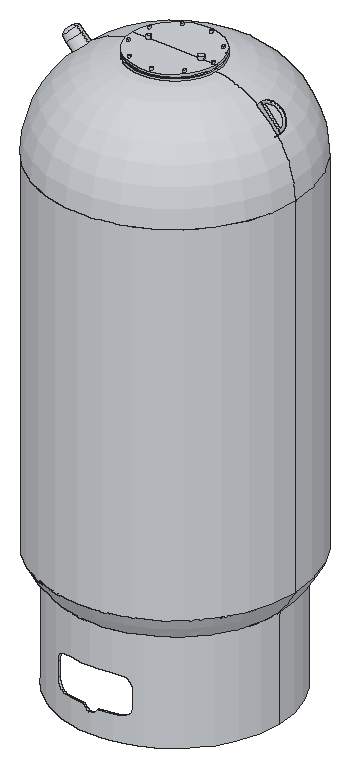
Revit family "FXA-800L-WG", category Mechanical Equipment, Revit 2014
Parameters (values of type "FXA-800L-WG")
  VoidLength = F * 0.25  # 7"
  Void = 10"
  URL = "http://westank.com/"
  TankVolume = "211 Gallons"
  PartNumber = "21010805"
  OuterRadius = F / 2  # 14"
  Model = "FXA-800L"
  MaximumOperatingTemperature = "240°F"
  MaximumOperatingPressure = "125 PSIG"
  Manufacturer = "Wessels Company"
  InnerRadius = (F * 0.9844) / 2  # 13.7816"
  HandleAngle = 35.00°
  G = 2"
  F = 28"
  D = 3/4"
  C = 2"
  BottomOfTheCylinder = 6.11811"
  B = 76"
  ApproximateShipmentWeight = "475 lbs"
  Angle = 35.00°
  A = 32"
Reference planes (in)
  plane 1 "Center (Front/Back)": y = 0
  plane 2: z = 0
  plane 3 "Center (Left/Right)": x = 0
  plane 4: x = -16
  plane 5: x = -3.5
  plane 6: x = 3.5
  plane 7: y = 1.9685
  plane 8: y = -1.9685
  plane 9: x = 3.5
  plane 10: x = -3.5
  plane 11: z = 76
  plane 12: x = 16
  plane 13: z = 62.8728
  plane 14: x = -1
  plane 15: x = 1
  plane 16: z = 1.94094
  plane 17: y = 0.15626
  plane 18: y = -0.15626
  plane 19: x = -16
  plane 20: x = 16
  plane 21: x = -14
  plane 22: x = 14
  plane 23: z = 75.818
  plane 24: z = 2
  plane 25: x = 3.875
  plane 26: x = 3.125
  plane 27: x = -5
  plane 28: x = 5
Forms (in)
  Revolve 1, solid
    sketch origin (0, 0, -5.53125) x (1, 0, 0) y (0, 0, 1)
      loop
        line (0, 80.38558) -> (-4.3599, 80.38558)
        arc (-4.3599, 80.38558) -> (-12.6686, 76.88597) -> (-16.10222, 68.54979) r 11.83617
        line (-16.10222, 68.54979) -> (-16.10222, 21.91395)
        arc (-16.10222, 21.91395) -> (-9.36645, 15.15931) -> (0, 13.35224) r 16.23917
        line (0, 13.35224) -> (0, 80.38558)
      axis (0, 80.38558) -> (0, 13.35224)
    angle from 0 to 360
  Extrusion 2, solid
    sketch origin (0, 0, 0) x (1, 0, 0) y (0, 1, 0)
      loop
        circle (0, 0) r 14
      loop
        circle (0, 0) r 13.7816
    from 16.98676 to 0
  Revolve 3, solid
    sketch origin (0, 0, 0) x (1, 0, 0) y (0, 0, 1)
      loop
        line (0, 75.64567) -> (0, 74.85433) -> (5.61891, 74.85433) -> (5.61891, 75.10433) -> (5.36891, 75.10433) -> (5.36891, 75.38832) -> (5.61891, 75.38832) -> (5.61891, 75.64567) -> (0, 75.64567)
      axis (0, 75.64567) -> (0, 74.85433)
    angle from 0 to 360
  Extrusion 4, solid
    sketch origin (-60.41868, -180, 74.85433) x (-1, 0, 0) y (0, -1, 0)
      loop
        circle (-56.91868, -180) r 0.25
      loop
        circle (-63.91868, -180) r 0.375
    from 1.14567 to 0.79134
  Revolve 5, solid
    sketch origin (-8.33552, 0, 67.37237) x (-0.707848, 0, 0.706364) y (-0.706364, 0, -0.707848)
      loop
        line (5.44847, -0.0719) -> (5.44847, -1.16029) -> (6.95487, -1.16029) -> (6.95487, -1.12732) -> (7.76301, -1.12732)
        arc (7.76301, -1.12732) -> (8.10825, -0.65594) -> (8.12516, -0.0719) r 0.9835
        line (8.12516, -0.0719) -> (5.44847, -0.0719)
      axis (5.44847, -0.0719) -> (8.12516, -0.0719)
    angle from 0 to 360
  Sweep 6, solid
    path origin (8.37843, 0, 67.80916) x (0.738543, 0, 0.674206) y (-0.674206, 0, 0.738543)
      loop
        arc (6.10198, 1.75) -> (7.85198, 0) -> (6.10198, -1.75) r 1.75
    profile origin (14.17745, 0, 73.10301) x (0.738543, 0, 0.674206) y (0, -1, 0)
      loop
        circle (0, 0) r 0.15625
  Extrusion 7, solid
    sketch origin (-0.375, -180, 1.94094) x (-1, 0, 0) y (0, -1, 0)
      loop
        circle (-0.375, -180) r 1
    from 4.58164 to 6.9164
  Extrusion 8, solid
    sketch origin (4.77803, 0, 64.5224) x (0.738543, 0, 0.674206) y (-0.674206, 0, 0.738543)
      loop
        line (10.97698, 1.90561) -> (10, 1.90561) -> (10, -1.9095) -> (10.97698, -1.9095) -> (10.97698, 1.90561)
    from 0.15626 to -0.15626
  Extrusion 9, solid
    sketch origin (-147.31662, -114.83373, 1.94094) x (-0.611725, 0.79107, 0) y (-0.79107, -0.611725, 0)
      loop
        circle (2.23673, -181.94779) r 0.16667
    from 73.87705 to 73.70472
  Extrusion 10, solid
    sketch origin (-186.65959, 6.86786, 1.94094) x (0.040643, 0.999174, 0) y (-0.999174, 0.040643, 0)
      loop
        circle (2.23673, -181.94779) r 0.16667
    from 73.87705 to 73.70472
  Extrusion 11, solid
    sketch origin (-138.47945, 125.34917, 1.94094) x (0.673954, 0.738773, 0) y (-0.738773, 0.673954, 0)
      loop
        circle (2.23673, -181.94779) r 0.16667
    from 73.87705 to 73.70472
  Extrusion 12, solid
    sketch origin (-25.36745, 185.0553, 1.94094) x (0.991254, 0.131968, 0) y (-0.131968, 0.991254, 0)
      loop
        circle (2.23673, -181.94779) r 0.16667
    from 73.87705 to 73.70472
  Extrusion 13, solid
    sketch origin (99.63913, 157.99056, 1.94094) x (0.843763, -0.536716, 0) y (0.536716, 0.843763, 0)
      loop
        circle (2.23673, -181.94779) r 0.16667
    from 73.87705 to 73.70472
  Extrusion 14, solid
    sketch origin (177.92576, 56.84536, 1.94094) x (0.300639, -0.953738, 0) y (0.953738, 0.300639, 0)
      loop
        circle (2.23673, -181.94779) r 0.16667
    from 73.87705 to 73.70472
  Extrusion 15, solid
    sketch origin (172.78449, -70.95414, 1.94094) x (-0.383453, -0.923561, 0) y (0.923561, -0.383453, 0)
      loop
        circle (2.23673, -181.94779) r 0.16667
    from 73.87705 to 73.70472
  Extrusion 16, solid
    sketch origin (86.62603, -165.48384, 1.94094) x (-0.887746, -0.460333, 0) y (0.460333, -0.887746, 0)
      loop
        circle (2.23673, -181.94779) r 0.16667
    from 73.87705 to 73.70472
  Extrusion 17, solid
    sketch origin (-40.15065, -182.41956, 1.94094) x (-0.975783, 0.218741, 0) y (-0.218741, -0.975783, 0)
      loop
        circle (2.23673, -181.94779) r 0.16667
    from 73.87705 to 73.70472
Cuts and joins
  joined: Revolve 1, Extrusion 2
Lines and regions (in)
  reference lines
    curve 1: line (0, 0, 62.8728) -> (-5.93885, 0, 67.03123)
    curve 2: line (0, 0, 62.8728) -> (5.93885, 0, 67.03123)
Dimensions and locks (in)
  equal spacing: plane 6, plane 3 "Center (Left/Right)", plane 5
  "VoidLength": plane 6 to plane 5
  equal spacing: plane 10, plane 3 "Center (Left/Right)", plane 9
  equal spacing: plane 7, plane 1 "Center (Front/Back)", plane 8
  "B": plane 11 to level
  equal spacing: plane 12, plane 3 "Center (Left/Right)", plane 4
  locked: plane 5 to Extrusion 4 sketch curve at 0
  locked: Extrusion 4 sketch curve to plane 1 "Center (Front/Back)" at 0  (x2)
  locked: Extrusion 4 sketch curve to plane 6 at 0
  "C": plane 15 to plane 14
  equal spacing: plane 15, plane 3 "Center (Left/Right)", plane 14
  equal spacing: plane 17, curve 2, plane 18
  equal spacing: plane 20, plane 3 "Center (Left/Right)", plane 19
  "A": plane 20 to plane 19
  equal spacing: plane 22, plane 3 "Center (Left/Right)", plane 21
  "F": plane 22 to plane 21
  locked: plane 11 to plane 23 at 0.182
  "G": plane 24 to level
  locked: Revolve 5 sketch curve to Revolve 5 sketch curve at 0.03297
  "D": plane 26 to plane 25
  equal spacing: plane 28, plane 3 "Center (Left/Right)", plane 27
  "Void": plane 28 to plane 27
  "OuterRadius": radius of Extrusion 2 sketch curve
  "InnerRadius": radius of Extrusion 2 sketch curve
  diameter of Extrusion 4 sketch curve = 3/4"
  "C": diameter of Extrusion 7 sketch curve
  diameter of Extrusion 9 sketch curve = 0.33333"
  diameter of Extrusion 10 sketch curve = 0.33333"
  diameter of Extrusion 11 sketch curve = 0.33333"
  diameter of Extrusion 12 sketch curve = 0.33333"
  diameter of Extrusion 13 sketch curve = 0.33333"
  diameter of Extrusion 14 sketch curve = 0.33333"
  diameter of Extrusion 15 sketch curve = 0.33333"
  diameter of Extrusion 16 sketch curve = 0.33333"
  diameter of Extrusion 17 sketch curve = 0.33333"
  "Angle": angle curve 1 to plane 13
  "HandleAngle": angle plane 13 to curve 2
  aligned and locked: level to plane 2
  aligned and locked: Extrusion 2 to level
  aligned and locked: Revolve 3 sketch curve to plane 3 "Center (Left/Right)"  (x2)
  aligned and locked: plane 11 to Extrusion 4
  aligned and locked: plane 3 "Center (Left/Right)" to curve 1
  aligned and locked: plane 13 to curve 1
  aligned and locked: Revolve 5 sketch curve to Revolve 5 sketch curve
  aligned and locked: plane 13 to curve 2
  aligned and locked: plane 3 "Center (Left/Right)" to curve 2
  aligned and locked: Extrusion 8 sketch curve to Sweep 6
  aligned and locked: Extrusion 8 to plane 18
  aligned and locked: plane 17 to Extrusion 8
  aligned and locked: plane 23 to Extrusion 9
  aligned and locked: Extrusion 9 to Revolve 3
  aligned and locked: plane 25 to Extrusion 4
  aligned and locked: plane 26 to Extrusion 4
  aligned and locked: Revolve 1 sketch curve to Revolve 3
Automatic sketch dimensions
  plane 6 to Revolve 3 sketch curve = 1.86891"
  Revolve 3 sketch curve to Revolve 3 sketch curve = 1/4"  (x3)
  Revolve 3 sketch curve to Revolve 3 sketch curve = 1/2"
  curve 1 to Revolve 5 sketch curve = 7.38591"
  Revolve 5 sketch curve to Revolve 5 sketch curve = 1.72952"
  Revolve 5 sketch curve to Revolve 5 sketch curve = 0.22312"
  Revolve 5 sketch curve to Revolve 5 sketch curve = 0.80814"
  Revolve 5 sketch curve to Revolve 5 sketch curve = 0.36215"
  curve 1 to Revolve 5 sketch curve = 0.32412"
  Revolve 5 sketch curve to Revolve 5 sketch curve = 0.03297"
  Revolve 5 sketch curve to Revolve 5 sketch curve = 0.82356"
  curve 1 to Revolve 5 sketch curve = 1.93744"
  Revolve 5 sketch curve to Revolve 5 sketch curve = 0.87516"
  curve 2 to Sweep 6 sketch curve = 8.42819"
  Sweep 6 sketch curve to curve 2 = 1.07024"
  Sweep 6 sketch curve to Sweep 6 sketch curve = 1 3/4"
  Sweep 6 sketch curve to profile plane = 0"  (x2)
  Extrusion 8 sketch curve to Extrusion 8 sketch curve = 0.97698"
  Extrusion 8 sketch curve to curve 2 = 2.97974"
  Extrusion 8 sketch curve to Extrusion 8 sketch curve = 3.81511"
  Revolve 3 sketch curve to Revolve 3 sketch curve = 0.28399"
  Revolve 3 sketch curve to plane 23 = 0.17233"
  Revolve 3 sketch curve to Revolve 3 sketch curve = 0.25735"
  Revolve 3 sketch curve to Revolve 3 sketch curve = 0"
  Extrusion 2 sketch curve to Extrusion 2 sketch curve = 0"  (x2)
  plane 1 "Center (Front/Back)" to Extrusion 2 sketch curve = 0"
  Extrusion 2 sketch curve to plane 3 "Center (Left/Right)" = 0"
  plane 1 "Center (Front/Back)" to Extrusion 7 sketch curve = 0"
  Extrusion 7 sketch curve to plane 3 "Center (Left/Right)" = 0"
  Revolve 1 sketch curve to plane 3 "Center (Left/Right)" = 0"  (x2)
  Revolve 1 sketch curve to plane 14 = 0.74262"
  plane 13 to Revolve 1 sketch curve = 0.14574"
  plane 27 to Revolve 1 sketch curve = 0.6401"
  plane 24 to Revolve 1 sketch curve = 14.3827"
  Revolve 1 sketch curve to plane 4 = 0.10222"
  Revolve 1 sketch curve to Revolve 1 sketch curve = 1.02834"
  Revolve 1 sketch curve to Revolve 1 sketch curve = 2.1779"
  level to Revolve 1 sketch curve = 7.82099"
  radius of Sweep 6 sketch curve = 5/32"
  radius of Extrusion 4 sketch curve = 1/4"
Nested families (in)
  nested 1: "BottomVoid" at (-0.05088, -13.99991, 5.65458) x (1, -0.0036, 0) z (-0.0036, -1, 0), VoidLength <- "Void", type "BottomVoid"
    with VoidLength 10", VoidHeight 4.86049"
  nested 2: "ElbowConnector" at (0, -0.17134, 6.52259) x (0, -1, 0) z (0, 0, 1), type "ElbowConnector"
    with PipeDiameter 2", NutDiameter 2 1/2"
Connectors (in)
  piping at (3.5, 0, 76), diameter 0.75, driven by "D"
    settings: on Extrusion 4, index 5, connector inside diameter 24", connector length 0", flow factor 0, pipe flow 0 GPM, pressure drop 0.00 psi, fitting loss kfactor 0, connector angle 0.00°, fixture units 0, engagement length 0", angle of deflection 0.00°, flow configuration 0, flow direction 0, fitting loss method 0, system type 7, joint type 0, gender type 0, connector reference index -1, connector utility 0, adjustable connector no, is connector primary yes, connector description ""
  piping at (0, -2.17134, 4.52259), diameter 2, driven by "C"
    settings: on nested 2, index 6, connector inside diameter 24", connector length 0", flow factor 0, pipe flow 0 GPM, pressure drop 0.00 psi, fitting loss kfactor 0, connector angle 0.00°, fixture units 0, engagement length 0", angle of deflection 0.00°, flow configuration 0, flow direction 0, fitting loss method 0, system type 7, joint type 0, gender type 0, connector reference index -1, connector utility 0, adjustable connector no, is connector primary no, connector description ""
Definition of nested family "ElbowConnector"
  Parameters (values of type "ElbowConnector")
    PipeDiameter [instance] = 2"
    NutDiameter [instance] = PipeDiameter * 1.25  # 2 1/2"
    Default Elevation = 48"
  Reference planes (in)
    plane 1 "Center (Front/Back)": y = 0
    plane 2: z = 0
    plane 3 "Center (Left/Right)": x = 0
    plane 4: y = 12.38632
    plane 5: x = 2
    plane 6: z = -2
    plane 7: z = -0.64561
    plane 8: z = 0.64561
    plane 9: z = -1.12604
    plane 10: x = 0.70866
    plane 11: x = 0.70866
    plane 12: x = 1.35433
  Forms (in)
    Extrusion 1, solid
      sketch origin (0, 0, 0) x (1, 0, 0) y (0, 1, 0)
        loop
          line (-48, 48) -> (-48, -48) -> (48, -48) -> (48, 48) -> (-48, 48)
      from 0 to -12
    Sweep 2, solid
      path origin (0, 0, 0) x (1, 0, 0) y (0, 0, 1)
        loop
          line (0, 0) -> (0, -0.67719)
          arc (0, -0.67719) -> (0.38744, -1.61256) -> (1.32281, -2) r 1.32281
          line (1.32281, -2) -> (1.35433, -2)
      profile origin (0, 0, -0.3386) x (0, -1, 0) y (1, 0, 0)
        loop
          circle (0, 0) r 1
    Extrusion 3, solid
      sketch origin (0.88583, -180, 0.64561) x (1, 0, 0) y (0, 1, 0)
        loop
          circle (-0.88583, 180) r 1.25
      from 0 to -1.29123
    Extrusion 4, solid
      sketch origin (1.35433, 0, -2) x (0, -1, 0) y (0, 0, -1)
        loop
          circle (0, 0) r 1.25
      from 0.64567 to -0.64567
  Dimensions and locks (in)
    locked: plane 5 to plane 3 "Center (Left/Right)" at 2
    "PipeDiameter": diameter of Sweep 2 sketch curve
    "NutDiameter": diameter of Extrusion 3 sketch curve
    "NutDiameter": diameter of Extrusion 4 sketch curve
    aligned and locked: plane 2 to Extrusion 1
    aligned and locked: level to Extrusion 1
    aligned and locked: plane 7 to Extrusion 3
    aligned and locked: plane 2 to Sweep 2 sketch curve
    aligned and locked: plane 12 to Sweep 2 sketch curve
    aligned and locked: plane 5 to Extrusion 4
  Automatic sketch dimensions
    Extrusion 1 sketch curve to Extrusion 1 sketch curve = 96"  (x2)
    Sweep 2 sketch curve to plane 3 "Center (Left/Right)" = 0"
    Sweep 2 sketch curve to plane 6 = 0"
    plane 7 to Sweep 2 sketch curve = 0.03158"
    plane 1 "Center (Front/Back)" to Sweep 2 sketch curve = 0"
    Sweep 2 sketch curve to profile plane = 0"
    plane 1 "Center (Front/Back)" to Extrusion 3 sketch curve = 0"
    Extrusion 3 sketch curve to plane 3 "Center (Left/Right)" = 0"
